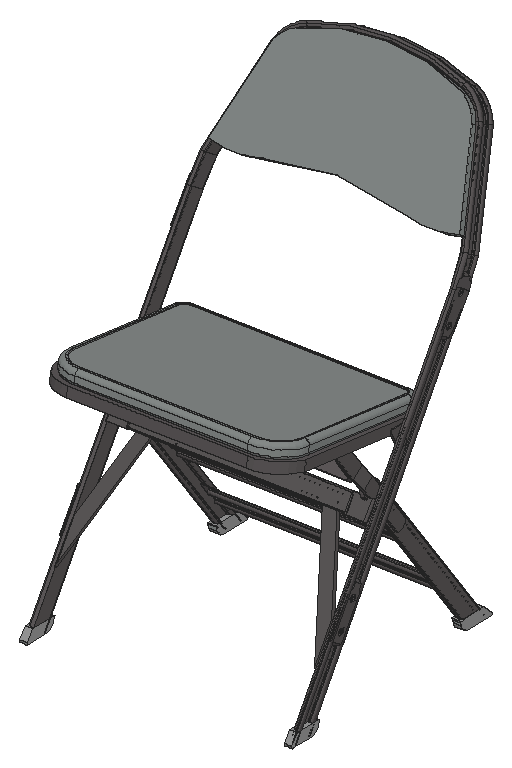
Revit family "FU_Chair_Sandler_2444USB", category Furniture, Revit 2022
Family settings
  OmniClass Number = 23.40.20.00
  OmniClass Title = General Furniture and Specialties
  Work Plane-Based = No
  Always vertical = Yes
  Cut with Voids When Loaded = No
  Render Appearance Source = Family Geometry
  Shared = No
  Room Calculation Point = No
Parameters (values of type "2444USB")
  Width = 500 mm
  Upholstery [instance] = Fabric - X2 - Positive AK019
  URL = "https://www.sandlerseating.com/product/2444usb/"
  Model = "2444USB"
  Manufacturer = "Sandler"
  Height = 840 mm
  Frame [instance] = Metal - Steel - Black
  Description = "Folding chair. Double rolled steel frame. Upholstered seat and back. Includes integral linking device. *** Please note that there is an MOQ of 201 pieces for this model in Silver and Bronze. There is no MOQ on Black frames.***"
  Depth = 560 mm
  Default Elevation = 0 mm
Reference planes
  plane 1 "Center (Front/Back)": y = 0
  plane 2: z = 0
  plane 3 "Center (Left/Right)": x = 0
  plane 4 "Right": x = -250
  plane 5 "Left": x = 250
  plane 6 "Back": y = 280
  plane 7 "Front": y = -280
  plane 8 "Height": z = 840
  plane 9 "Seat height": z = 490
  plane 10 "Seat Base": z = 364.145
  plane 11 "BF C RIGHT": through (4267.2, 154.44, 15.504) normal (0, -0.7997, -0.6004)
  plane 12 "FF C RIGHT": through (4267.2, -247.069, 20.368) normal (0, -0.845, 0.5348)
Forms (mm)
  Extrusion 1, solid, material "Rubber, Black"
    sketch origin (-20.156, -56.22, 0) x (0, 1, 0) y (0, 0, -1)
      loop
        arc (-226.907, 0) -> (-228.419, -0.909) -> (-228.326, -2.671) r 1.713
        line (-228.326, -2.671) -> (-216.28, -20.53) -> (-167.226, -20.53) -> (-168.21, -18.069) -> (-170.073, -11.118)
        arc (-170.073, -11.118) -> (-175.431, -3.1) -> (-184.562, 0) r 15
        line (-184.562, 0) -> (-226.907, 0)
    from 211 to 224.5
  Extrusion 2, solid, material "Rubber, Black"
    sketch origin (0, -35.647, 0) x (0, -1, 0) y (0, 0, -1)
      loop
        arc (-229.574, 0.002) -> (-231.159, -1.017) -> (-230.89, -2.881) r 1.741
        line (-230.89, -2.881) -> (-213.598, -20.53) -> (-160.039, -20.53) -> (-161.023, -18.069) -> (-162.884, -11.118)
        arc (-162.884, -11.118) -> (-168.242, -3.098) -> (-177.375, 0.002) r 15.001
        line (-177.375, 0.002) -> (-229.574, 0.002)
    from 215 to 230
  Extrusion 3, solid, material "Rubber, Black"
    sketch origin (26.437, -56.22, 0) x (0, 1, 0) y (0, 0, 1)
      loop
        line (-226.907, 0) -> (-184.562, 0)
        arc (-184.562, 0) -> (-175.431, 3.1) -> (-170.073, 11.118) r 15
        line (-170.073, 11.118) -> (-168.21, 18.069) -> (-167.226, 20.53) -> (-216.28, 20.53) -> (-228.326, 2.671)
        arc (-228.326, 2.671) -> (-228.419, 0.909) -> (-226.907, 0) r 1.713
    from 211 to 224.5
  Extrusion 4, solid, material "Rubber, Black"
    sketch origin (0, -35.647, 0) x (0, -1, 0) y (0, 0, 1)
      loop
        line (-229.574, -0.002) -> (-177.375, -0.002)
        arc (-177.375, -0.002) -> (-168.242, 3.098) -> (-162.884, 11.118) r 15.001
        line (-162.884, 11.118) -> (-161.023, 18.069) -> (-160.039, 20.53) -> (-213.598, 20.53) -> (-230.89, 2.881)
        arc (-230.89, 2.881) -> (-231.159, 1.017) -> (-229.574, -0.002) r 1.741
    from 215 to 230
Dimensions and locks
  equal spacing: plane 4 "Right", plane 3 "Center (Left/Right)", plane 5 "Left"
  "Width": plane 4 "Right" to plane 5 "Left"
  equal spacing: plane 6 "Back", plane 1 "Center (Front/Back)", plane 7 "Front"
  "Depth": plane 6 "Back" to plane 7 "Front"
  "Height": plane 8 "Height" to level
  plane 9 "Seat height" to level = 490 mm
  aligned and locked: level to plane 2
Automatic sketch dimensions
  Extrusion 1 sketch curve to level = 0 mm
  level to Extrusion 1 sketch curve = 2.671 mm
  Extrusion 1 sketch curve to plane 7 "Front" = 4.546 mm
  level to Extrusion 1 sketch curve = 1.713 mm
  Extrusion 1 sketch curve to Extrusion 1 sketch curve = 12.046 mm
  level to Extrusion 1 sketch curve = 15 mm
  Extrusion 1 sketch curve to Extrusion 1 sketch curve = 31.718 mm
  level to Extrusion 1 sketch curve = 11.118 mm
  level to Extrusion 1 sketch curve = 18.069 mm
  Extrusion 1 sketch curve to Extrusion 1 sketch curve = 1.863 mm
  Extrusion 1 sketch curve to Extrusion 1 sketch curve = 0.984 mm
  level to Extrusion 1 sketch curve = 20.53 mm
  level to Extrusion 2 sketch curve = 2.881 mm
  Extrusion 2 sketch curve to plane 6 "Back" = 84.758 mm
  Extrusion 2 sketch curve to Extrusion 2 sketch curve = 1.315 mm
  Extrusion 2 sketch curve to Extrusion 2 sketch curve = 15.976 mm
  level to Extrusion 2 sketch curve = 14.999 mm
  Extrusion 2 sketch curve to Extrusion 2 sketch curve = 36.223 mm
  level to Extrusion 2 sketch curve = 11.118 mm
  Extrusion 2 sketch curve to Extrusion 2 sketch curve = 14.49 mm
  level to Extrusion 2 sketch curve = 18.069 mm
  Extrusion 2 sketch curve to Extrusion 2 sketch curve = 1.862 mm
  Extrusion 2 sketch curve to Extrusion 2 sketch curve = 0.984 mm
  level to Extrusion 2 sketch curve = 20.53 mm
  Extrusion 3 sketch curve to level = 0 mm
  level to Extrusion 3 sketch curve = 2.671 mm
  Extrusion 3 sketch curve to plane 7 "Front" = 4.546 mm
  level to Extrusion 3 sketch curve = 1.713 mm
  Extrusion 3 sketch curve to Extrusion 3 sketch curve = 12.046 mm
  level to Extrusion 3 sketch curve = 15 mm
  Extrusion 3 sketch curve to Extrusion 3 sketch curve = 31.718 mm
  level to Extrusion 3 sketch curve = 11.118 mm
  level to Extrusion 3 sketch curve = 18.069 mm
  Extrusion 3 sketch curve to Extrusion 3 sketch curve = 1.863 mm
  Extrusion 3 sketch curve to Extrusion 3 sketch curve = 0.984 mm
  level to Extrusion 3 sketch curve = 20.53 mm
  level to Extrusion 4 sketch curve = 2.881 mm
  Extrusion 4 sketch curve to plane 6 "Back" = 84.758 mm
  Extrusion 4 sketch curve to Extrusion 4 sketch curve = 1.315 mm
  Extrusion 4 sketch curve to Extrusion 4 sketch curve = 15.976 mm
  level to Extrusion 4 sketch curve = 14.999 mm
  Extrusion 4 sketch curve to Extrusion 4 sketch curve = 36.223 mm
  level to Extrusion 4 sketch curve = 11.118 mm
  Extrusion 4 sketch curve to Extrusion 4 sketch curve = 14.49 mm
  level to Extrusion 4 sketch curve = 18.069 mm
  Extrusion 4 sketch curve to Extrusion 4 sketch curve = 1.862 mm
  Extrusion 4 sketch curve to Extrusion 4 sketch curve = 0.984 mm
  level to Extrusion 4 sketch curve = 20.53 mm
Nested families
  nested 1: "FrontFrame" at (0, 6.203, 0), Frame <- "Frame", Upholstery <- "Upholstery", type "FrontFrame"
    with Upholstery Fabric - X2 - Positive AK019, Frame Metal - Steel - Black
  nested 2: "BackLegs" at (0, -64.289, 0), Frame <- "Frame", type "BackLegs"
    with Frame Metal - Steel - Black
  nested 3: "Seat" at (0, 2.5, 18.801), Frame <- "Frame", Upholstery <- "Upholstery", type "Seat"
    with Upholstery Fabric - X2 - Positive AK019, Frame Metal - Steel - Black
Definition of nested family "FrontFrame"
  Parameters (values of type "FrontFrame")
    Width = 500 mm
    Upholstery [instance] = none
    Height = 1010 mm
    Frame [instance] = none
    Depth = 580 mm
    Default Elevation = 0 mm
  Reference planes
    plane 1 "Center (Front/Back)": y = 0
    plane 2: z = 0
    plane 3 "Center (Left/Right)": x = 0
    plane 4 "Right": x = -250
    plane 5 "Left": x = 250
    plane 6 "Back": y = 290
    plane 7 "Front": y = -290
    plane 8 "Height": z = 1010
    plane 9: z = 610
    plane 10 "FF C RIGHT": through (4267.2, -242.999, 36.095) normal (0, -0.8453, 0.5344)
  Forms (mm)
    Extrusion 1, solid, not visible
      sketch origin (0, 2.754, -23.733) x (0, 1, 0) y (0, 0, 1)
        loop
          line (-5.861, 994.892) -> (7.517, 994.892) -> (12.118, 1010) -> (-5.861, 1002.858) -> (-5.861, 994.892)
      from -20 to 20
    Extrusion 2, solid, material <- "Frame", not visible
      sketch origin (11.072, -3.541, -16.753) x (1, 0, 0) y (0, 0, 1)
        loop
          line (227.296, 748.928) -> (228.634, 729.786) -> (236.195, 723.887) -> (236.195, 703.34) -> (236.195, 633.767) -> (228.954, 628.109) -> (228.954, 608.592) -> (230.787, 608.592) -> (230.787, 627.228) -> (238.03, 633.138) -> (238.03, 705.97) -> (237.592, 724.766) -> (230.468, 729.73) -> (229.126, 748.928) -> (227.296, 748.928)
      from -27.16 to 11.459
    Sweep 3, solid, material <- "Frame", not visible
      path origin (0, 10.663, -219.201) x (1, 0, 0) y (0, 0, 1)
        loop
          line (-202.31, 305.506) -> (207.69, 305.506)
      profile "Pro_4400_frame : Pro_4400_frame" origin (2.69, 10.663, 86.306) x (0, 0, 1) y (0, -1, 0)
        loop
          line (0, 12.993) -> (8.04, 12.993)
          arc (8.04, 12.993) -> (8.426, 12.803) -> (8.511, 12.381) r 0.487
          arc (8.511, 12.381) -> (8.342, 10.694) -> (8.713, 9.039) r 5.322
          line (8.713, 9.039) -> (9.373, 7.391)
          arc (9.373, 7.391) -> (14.061, 4.913) -> (17.392, 9.039) r 4.17
          arc (17.392, 9.039) -> (17.162, 11.6) -> (16.221, 13.992) r 9.045
          arc (16.221, 13.992) -> (15.852, 14.364) -> (15.346, 14.5) r 1.006
          line (15.346, 14.5) -> (0, 14.5) -> (-15.346, 14.5)
          arc (-15.346, 14.5) -> (-15.852, 14.364) -> (-16.221, 13.992) r 1.006
          arc (-16.221, 13.992) -> (-17.162, 11.6) -> (-17.392, 9.039) r 9.045
          arc (-17.392, 9.039) -> (-14.061, 4.913) -> (-9.373, 7.391) r 4.17
          line (-9.373, 7.391) -> (-8.713, 9.039)
          arc (-8.713, 9.039) -> (-8.342, 10.694) -> (-8.511, 12.381) r 5.322
          arc (-8.511, 12.381) -> (-8.426, 12.803) -> (-8.04, 12.993) r 0.487
          line (-8.04, 12.993) -> (0, 12.993)
    Extrusion 4, solid, material <- "Frame", not visible
      sketch origin (0, 10.663, -219.377) x (1, 0, 0) y (0, 0, 1)
        loop
          line (-198.275, 288.291) -> (-198.275, 323.17) -> (-233.134, 323.17) -> (-233.134, 288.291) -> (-198.275, 288.291)
      from 12.993 to 14.5
    Extrusion 5, solid, material <- "Frame", not visible
      sketch origin (5.405, 10.663, -219.377) x (-1, 0, 0) y (0, 0, -1)
        loop
          line (-200.043, -288.291) -> (-232.355, -288.291) -> (-232.355, -323.17) -> (-200.043, -323.17) -> (-200.043, -288.291)
      from 12.993 to 14.5
    Extrusion 6, solid, material <- "Frame", not visible
      sketch origin (-5.299, -3.541, -21.697) x (-1, 0, 0) y (0, 0, -1)
        loop
          line (227.296, -748.928) -> (229.126, -748.928) -> (230.468, -729.73) -> (237.592, -724.766) -> (238.03, -705.97) -> (238.03, -638.451) -> (230.787, -632.54) -> (230.787, -613.904) -> (228.954, -613.904) -> (228.954, -633.422) -> (236.195, -639.079) -> (236.195, -703.34) -> (236.195, -723.887) -> (228.634, -729.786) -> (227.296, -748.928)
      from -23.402 to 11.459
    Extrusion 7, solid, material <- "Frame", not visible
      sketch origin (10.992, -3.541, -481.323) x (1, 0, 0) y (0, 0, 1)
        loop
          line (236.195, 729.4) -> (236.195, 640.642) -> (228.954, 634.984) -> (228.954, 613.904) -> (230.787, 613.904) -> (230.787, 633.79) -> (238.03, 639.701) -> (238.03, 705.97) -> (238.03, 730.97) -> (230.787, 736.274) -> (230.787, 756.164) -> (228.954, 756.164) -> (228.954, 735.084) -> (236.195, 729.4)
      from -26.214 to 10.348
    Extrusion 8, solid, material <- "Frame", not visible
      sketch origin (-7.079, -3.541, -481.059) x (-1, 0, 0) y (0, 0, -1)
        loop
          line (227.296, -752.678) -> (229.126, -752.678) -> (230.468, -733.48) -> (237.503, -728.578) -> (238.03, -705.97) -> (238.03, -638.451) -> (230.787, -632.54) -> (230.787, -613.904) -> (228.954, -613.904) -> (228.954, -633.422) -> (236.195, -639.079) -> (236.195, -703.34) -> (236.195, -727.637) -> (228.634, -733.536) -> (227.296, -752.678)
      from -23.402 to 11.459
    Revolve 9, solid, material <- "Frame", not visible
      sketch origin (-20.391, 4.265, 9.588) x (0, 0, 1) y (1, 0, 0)
        loop
          line (172.987, -229.382) -> (172.987, -227.295) -> (169.898, -227.295) -> (169.898, -223.851) -> (166.2, -223.851) -> (166.2, -229.382) -> (172.987, -229.382)
        axis (166.2, -229.382) -> (166.2, -223.851)
      angle from 0 to 360
    Revolve 10, solid, material <- "Frame", not visible
      sketch origin (-18.645, 4.839, 798.8) x (0, 0, -1) y (-1, 0, 0)
        loop
          line (172.987, 229.382) -> (166.2, 229.382) -> (166.2, 223.851) -> (169.898, 223.851) -> (169.898, 227.295) -> (172.987, 227.295) -> (172.987, 229.382)
        axis (166.2, 229.382) -> (166.2, 223.851)
      angle from 0 to 360
    Extrusion 11, solid, material <- "Frame", not visible
      sketch origin (0, 4.056, 0) x (0, 0, 1) y (1, 0, 0)
        loop
          arc (903.933, -180.588) -> (925.166, -168.855) -> (939.286, -149.129) r 55
          arc (939.286, -149.129) -> (961.82, -74.747) -> (968.399, 2.694) r 371.805
          arc (968.399, 2.694) -> (961.82, 80.135) -> (939.286, 154.516) r 371.805
          arc (939.286, 154.516) -> (925.166, 174.243) -> (903.933, 185.976) r 55
          line (903.933, 185.976) -> (749.535, 230.787)
          arc (749.535, 230.787) -> (742.728, 181.663) -> (748.257, 132.378) r 199.351
          arc (748.257, 132.378) -> (760.601, 66.646) -> (766.213, 0) r 658.411
          arc (766.213, 0) -> (760.601, -66.646) -> (748.257, -132.378) r 658.411
          arc (748.257, -132.378) -> (742.711, -179.074) -> (748.257, -225.771) r 199.351
          line (748.257, -225.771) -> (903.933, -180.588)
      from -2 to -4
    Extrusion 12, void, not visible
      sketch origin (19.99, 1.392, -44.11) x (0, 1, 0) y (0, 0, 1)
        loop
          line (-3.534, 783.692) -> (-3.534, 753.692) -> (-4.282, 747.6) -> (-11.531, 745.558) -> (-11.531, 668.196) -> (-4.135, 666.075) -> (-3.55, 661.339) -> (-3.55, 635.022) -> (11.05, 635.022) -> (11.05, 661.339) -> (11.635, 666.075) -> (19.031, 668.196) -> (19.031, 745.558) -> (11.782, 747.6) -> (11.034, 753.692) -> (11.034, 783.692) -> (-3.534, 783.692)
        loop
          circle (3.451, 645.167) r 3.653
        loop
          circle (2.852, 677.081) r 6.946
        loop
          circle (2.553, 727.744) r 6.946
        loop
          circle (3.451, 766.175) r 3.653
        loop
          line (-17.531, 786.339) -> (-17.531, 628.692) -> (25.031, 628.692) -> (25.031, 786.339) -> (-17.531, 786.339)
      from 213.642 to 235
    Extrusion 13, void, not visible
      sketch origin (-20.01, 1.392, -44.11) x (0, 1, 0) y (0, 0, -1)
        loop
          line (-3.534, -783.482) -> (11.034, -783.482) -> (11.034, -753.482) -> (11.782, -747.391) -> (19.031, -745.349) -> (19.031, -667.986) -> (11.635, -665.865) -> (11.05, -661.13) -> (11.05, -634.812) -> (-3.55, -634.812) -> (-3.55, -661.13) -> (-4.135, -665.865) -> (-11.531, -667.986) -> (-11.531, -745.349) -> (-4.282, -747.391) -> (-3.534, -753.482) -> (-3.534, -783.482)
        loop
          circle (3.451, -644.958) r 3.653
        loop
          circle (2.852, -675.621) r 6.946
        loop
          circle (2.553, -727.534) r 6.946
        loop
          circle (3.451, -767.216) r 3.653
        loop
          line (-17.531, -786.13) -> (25.031, -786.13) -> (25.031, -628.482) -> (-17.531, -628.482) -> (-17.531, -786.13)
      from 204.371 to 235
    Extrusion 14, void, not visible
      sketch origin (19.99, 1.392, -480.367) x (0, 1, 0) y (0, 0, 1)
        loop
          line (-4.784, 756.069) -> (-4.784, 724.819) -> (-5.532, 718.728) -> (-12.781, 716.686) -> (-12.781, 639.323) -> (-5.385, 637.203) -> (-4.8, 632.467) -> (-4.8, 612.399) -> (9.8, 612.399) -> (9.8, 632.467) -> (10.385, 637.203) -> (17.781, 639.323) -> (17.781, 716.686) -> (10.532, 718.728) -> (9.784, 724.819) -> (9.784, 756.069) -> (-4.784, 756.069)
        loop
          circle (2.949, 623.892) r 3.653
        loop
          circle (3.099, 655.789) r 6.946
        loop
          circle (2.65, 706.795) r 6.946
        loop
          circle (2.201, 746.139) r 3.653
        loop
          line (-18.781, 757.467) -> (-18.781, 599.819) -> (23.781, 599.819) -> (23.781, 757.467) -> (-18.781, 757.467)
      from 213.642 to 235
    Extrusion 15, void, not visible
      sketch origin (-19.767, 1.392, -480.392) x (0, 1, 0) y (0, 0, -1)
        loop
          line (-4.784, -754.819) -> (9.784, -754.819) -> (9.784, -724.819) -> (10.532, -718.728) -> (17.781, -716.686) -> (17.781, -639.323) -> (10.385, -637.203) -> (9.8, -632.467) -> (9.8, -606.149) -> (-4.8, -606.149) -> (-4.8, -632.467) -> (-5.385, -637.203) -> (-12.781, -639.323) -> (-12.781, -716.686) -> (-5.532, -718.728) -> (-4.784, -724.819) -> (-4.784, -754.819)
        loop
          circle (2.201, -623.17) r 3.653
        loop
          circle (3.477, -655.708) r 6.946
        loop
          circle (2.553, -706.371) r 6.946
        loop
          circle (2.201, -746.053) r 3.653
        loop
          line (-18.781, -757.467) -> (23.781, -757.467) -> (23.781, -599.819) -> (-18.781, -599.819) -> (-18.781, -757.467)
      from 204.371 to 235
    Sweep 16, solid, not visible
      path origin (0, 4.056, 0) x (0, 0, 1) y (1, 0, 0)
        loop
          line (0, 239.346) -> (675, 239.346) -> (727.193, 236.265) -> (907.139, 185.545)
          arc (907.139, 185.545) -> (930.892, 169.175) -> (945.898, 144.539) r 69.142
          arc (945.898, 144.539) -> (969.966, 3.037) -> (945.898, -138.464) r 428.008
          arc (945.898, -138.464) -> (930.892, -163.101) -> (907.139, -179.47) r 69.142
          line (907.139, -179.47) -> (727.805, -230.018) -> (675, -233.134) -> (0, -233.134)
      profile "Pro_4400_frame : Pro_4400_frame" origin (239.346, 4.056, 337.5) x (1, 0, 0) y (0, 1, 0)
        loop
          line (1.507, 0) -> (1.507, 8.04)
          arc (1.507, 8.04) -> (1.697, 8.426) -> (2.119, 8.511) r 0.487
          arc (2.119, 8.511) -> (3.806, 8.342) -> (5.461, 8.713) r 5.322
          line (5.461, 8.713) -> (7.11, 9.373)
          arc (7.11, 9.373) -> (9.588, 14.061) -> (5.461, 17.392) r 4.17
          arc (5.461, 17.392) -> (2.901, 17.162) -> (0.509, 16.221) r 9.045
          arc (0.509, 16.221) -> (0.136, 15.852) -> (0, 15.346) r 1.006
          line (0, 15.346) -> (0, 0) -> (0, -15.346)
          arc (0, -15.346) -> (0.136, -15.852) -> (0.509, -16.221) r 1.006
          arc (0.509, -16.221) -> (2.901, -17.162) -> (5.461, -17.392) r 9.045
          arc (5.461, -17.392) -> (9.588, -14.061) -> (7.11, -9.373) r 4.17
          line (7.11, -9.373) -> (5.461, -8.713)
          arc (5.461, -8.713) -> (3.806, -8.342) -> (2.119, -8.511) r 5.322
          arc (2.119, -8.511) -> (1.697, -8.426) -> (1.507, -8.04) r 0.487
          line (1.507, -8.04) -> (1.507, 0)
    Extrusion 17, solid, material <- "Upholstery", not visible
      sketch origin (0, 4.056, 0) x (0, 0, 1) y (1, 0, 0)
        loop
          arc (903.933, -180.588) -> (925.166, -168.855) -> (939.286, -149.129) r 55
          arc (939.286, -149.129) -> (961.82, -74.747) -> (968.399, 2.694) r 371.805
          arc (968.399, 2.694) -> (961.82, 80.135) -> (939.286, 154.516) r 371.805
          arc (939.286, 154.516) -> (925.166, 174.243) -> (903.933, 185.976) r 55
          line (903.933, 185.976) -> (749.535, 230.787)
          arc (749.535, 230.787) -> (742.728, 181.663) -> (748.257, 132.378) r 199.351
          arc (748.257, 132.378) -> (760.601, 66.646) -> (766.213, 0) r 658.411
          arc (766.213, 0) -> (760.601, -66.646) -> (748.257, -132.378) r 658.411
          arc (748.257, -132.378) -> (742.711, -179.074) -> (748.257, -225.771) r 199.351
          line (748.257, -225.771) -> (903.933, -180.588)
      from -26 to -4
    Extrusion 18, void
      sketch origin (0, -50, 0) x (0, 1, 0) y (0, 0, 1)
        loop
          line (-250.54, 0) -> (-250.54, -30) -> (-170.54, -30) -> (-170.54, 0) -> (-250.54, 0)
      from 230.342 to 257.226
    Extrusion 19, void
      sketch origin (0, -50, 0) x (0, 1, 0) y (0, 0, -1)
        loop
          line (-250.54, 0) -> (-170.54, 0) -> (-170.54, 30) -> (-250.54, 30) -> (-250.54, 0)
      from 225.481 to 250
    Extrusion 20, solid, not visible
      sketch origin (0, -216.25, -15.11) x (0, 0.871681, -0.490074) y (0, 0.490074, 0.871681)
        loop
          line (-5.861, 994.892) -> (7.517, 994.892) -> (12.118, 1010) -> (-5.861, 1002.858) -> (-5.861, 994.892)
      from -20 to 20
    Extrusion 21, solid, material <- "Frame", not visible
      sketch origin (11.072, -218.317, -5.94) x (1, 0, 0) y (0, 0.490074, 0.871681)
        loop
          line (227.296, 748.928) -> (228.634, 729.786) -> (236.195, 723.887) -> (236.195, 703.34) -> (236.195, 633.767) -> (228.954, 628.109) -> (228.954, 608.592) -> (230.787, 608.592) -> (230.787, 627.228) -> (238.03, 633.138) -> (238.03, 705.97) -> (237.592, 724.766) -> (230.468, 729.73) -> (229.126, 748.928) -> (227.296, 748.928)
      from -27.16 to 11.459
    Sweep 22, solid, material <- "Frame", not visible
      path origin (0, -305.149, -189.371) x (1, 0, 0) y (0, 0.490074, 0.871681)
        loop
          line (-202.31, 305.506) -> (207.69, 305.506)
      profile "Pro_4400_frame : Pro_4400_frame" origin (2.69, -155.429, 76.933) x (0, 0.490074, 0.871681) y (0, -0.871681, 0.490074)
        loop
          line (0, 12.993) -> (8.04, 12.993)
          arc (8.04, 12.993) -> (8.426, 12.803) -> (8.511, 12.381) r 0.487
          arc (8.511, 12.381) -> (8.342, 10.694) -> (8.713, 9.039) r 5.322
          line (8.713, 9.039) -> (9.373, 7.391)
          arc (9.373, 7.391) -> (14.061, 4.913) -> (17.392, 9.039) r 4.17
          arc (17.392, 9.039) -> (17.162, 11.6) -> (16.221, 13.992) r 9.045
          arc (16.221, 13.992) -> (15.852, 14.364) -> (15.346, 14.5) r 1.006
          line (15.346, 14.5) -> (0, 14.5) -> (-15.346, 14.5)
          arc (-15.346, 14.5) -> (-15.852, 14.364) -> (-16.221, 13.992) r 1.006
          arc (-16.221, 13.992) -> (-17.162, 11.6) -> (-17.392, 9.039) r 9.045
          arc (-17.392, 9.039) -> (-14.061, 4.913) -> (-9.373, 7.391) r 4.17
          line (-9.373, 7.391) -> (-8.713, 9.039)
          arc (-8.713, 9.039) -> (-8.342, 10.694) -> (-8.511, 12.381) r 5.322
          arc (-8.511, 12.381) -> (-8.426, 12.803) -> (-8.04, 12.993) r 0.487
          line (-8.04, 12.993) -> (0, 12.993)
    Extrusion 23, solid, material <- "Frame", not visible
      sketch origin (0, -305.236, -189.524) x (1, 0, 0) y (0, 0.490074, 0.871681)
        loop
          line (-198.275, 288.291) -> (-198.275, 323.17) -> (-233.134, 323.17) -> (-233.134, 288.291) -> (-198.275, 288.291)
      from 12.993 to 14.5
    Extrusion 24, solid, material <- "Frame", not visible
      sketch origin (5.405, -305.236, -189.524) x (-1, 0, 0) y (0, -0.490074, -0.871681)
        loop
          line (-200.043, -288.291) -> (-232.355, -288.291) -> (-232.355, -323.17) -> (-200.043, -323.17) -> (-200.043, -288.291)
      from 12.993 to 14.5
    Extrusion 25, solid, material <- "Frame", not visible
      sketch origin (-5.299, -220.74, -10.25) x (-1, 0, 0) y (0, -0.490074, -0.871681)
        loop
          line (227.296, -748.928) -> (229.126, -748.928) -> (230.468, -729.73) -> (237.592, -724.766) -> (238.03, -705.97) -> (238.03, -638.451) -> (230.787, -632.54) -> (230.787, -613.904) -> (228.954, -613.904) -> (228.954, -633.422) -> (236.195, -639.079) -> (236.195, -703.34) -> (236.195, -723.887) -> (228.634, -729.786) -> (227.296, -748.928)
      from -23.402 to 11.459
    Extrusion 26, solid, material <- "Frame", not visible
      sketch origin (10.992, -445.99, -410.897) x (1, 0, 0) y (0, 0.490074, 0.871681)
        loop
          line (236.195, 729.4) -> (236.195, 640.642) -> (228.954, 634.984) -> (228.954, 613.904) -> (230.787, 613.904) -> (230.787, 633.79) -> (238.03, 639.701) -> (238.03, 705.97) -> (238.03, 730.97) -> (230.787, 736.274) -> (230.787, 756.164) -> (228.954, 756.164) -> (228.954, 735.084) -> (236.195, 729.4)
      from -26.214 to 10.348
    Extrusion 27, solid, material <- "Frame", not visible
      sketch origin (-7.079, -445.861, -410.667) x (-1, 0, 0) y (0, -0.490074, -0.871681)
        loop
          line (227.296, -752.678) -> (229.126, -752.678) -> (230.468, -733.48) -> (237.503, -728.578) -> (238.03, -705.97) -> (238.03, -638.451) -> (230.787, -632.54) -> (230.787, -613.904) -> (228.954, -613.904) -> (228.954, -633.422) -> (236.195, -639.079) -> (236.195, -703.34) -> (236.195, -727.637) -> (228.634, -733.536) -> (227.296, -752.678)
      from -23.402 to 11.459
    Revolve 28, solid, material <- "Frame", not visible
      sketch origin (-20.391, -198.604, 13.195) x (0, 0.490074, 0.871681) y (1, 0, 0)
        loop
          line (172.987, -229.382) -> (172.987, -227.295) -> (169.898, -227.295) -> (169.898, -223.851) -> (166.2, -223.851) -> (166.2, -229.382) -> (172.987, -229.382)
        axis (166.2, -229.382) -> (166.2, -223.851)
      angle from 0 to 360
    Revolve 29, solid, material <- "Frame", not visible
      sketch origin (-18.645, 188.669, 700.855) x (0, -0.490074, -0.871681) y (-1, 0, 0)
        loop
          line (172.987, 229.382) -> (166.2, 229.382) -> (166.2, 223.851) -> (169.898, 223.851) -> (169.898, 227.295) -> (172.987, 227.295) -> (172.987, 229.382)
        axis (166.2, 229.382) -> (166.2, 223.851)
      angle from 0 to 360
    Extrusion 30, solid, material <- "Frame", not visible
      sketch origin (0, -203.484, 4.94) x (0, 0.490074, 0.871681) y (1, 0, 0)
        loop
          arc (903.933, -180.588) -> (925.166, -168.855) -> (939.286, -149.129) r 55
          arc (939.286, -149.129) -> (961.82, -74.747) -> (968.399, 2.694) r 371.805
          arc (968.399, 2.694) -> (961.82, 80.135) -> (939.286, 154.516) r 371.805
          arc (939.286, 154.516) -> (925.166, 174.243) -> (903.933, 185.976) r 55
          line (903.933, 185.976) -> (749.535, 230.787)
          arc (749.535, 230.787) -> (742.728, 181.663) -> (748.257, 132.378) r 199.351
          arc (748.257, 132.378) -> (760.601, 66.646) -> (766.213, 0) r 658.411
          arc (766.213, 0) -> (760.601, -66.646) -> (748.257, -132.378) r 658.411
          arc (748.257, -132.378) -> (742.711, -179.074) -> (748.257, -225.771) r 199.351
          line (748.257, -225.771) -> (903.933, -180.588)
      from -2 to -4
    Extrusion 31, void, not visible
      sketch origin (19.99, -227.424, -32.204) x (0, 0.871681, -0.490074) y (0, 0.490074, 0.871681)
        loop
          line (-3.534, 783.692) -> (-3.534, 753.692) -> (-4.282, 747.6) -> (-11.531, 745.558) -> (-11.531, 668.196) -> (-4.135, 666.075) -> (-3.55, 661.339) -> (-3.55, 635.022) -> (11.05, 635.022) -> (11.05, 661.339) -> (11.635, 666.075) -> (19.031, 668.196) -> (19.031, 745.558) -> (11.782, 747.6) -> (11.034, 753.692) -> (11.034, 783.692) -> (-3.534, 783.692)
        loop
          circle (3.451, 645.167) r 3.653
        loop
          circle (2.852, 677.081) r 6.946
        loop
          circle (2.553, 727.744) r 6.946
        loop
          circle (3.451, 766.175) r 3.653
        loop
          line (-17.531, 786.339) -> (-17.531, 628.692) -> (25.031, 628.692) -> (25.031, 786.339) -> (-17.531, 786.339)
      from 213.642 to 235
    Extrusion 32, void, not visible
      sketch origin (-20.01, -227.424, -32.204) x (0, 0.871681, -0.490074) y (0, -0.490074, -0.871681)
        loop
          line (-3.534, -783.482) -> (11.034, -783.482) -> (11.034, -753.482) -> (11.782, -747.391) -> (19.031, -745.349) -> (19.031, -667.986) -> (11.635, -665.865) -> (11.05, -661.13) -> (11.05, -634.812) -> (-3.55, -634.812) -> (-3.55, -661.13) -> (-4.135, -665.865) -> (-11.531, -667.986) -> (-11.531, -745.349) -> (-4.282, -747.391) -> (-3.534, -753.482) -> (-3.534, -783.482)
        loop
          circle (3.451, -644.958) r 3.653
        loop
          circle (2.852, -675.621) r 6.946
        loop
          circle (2.553, -727.534) r 6.946
        loop
          circle (3.451, -767.216) r 3.653
        loop
          line (-17.531, -786.13) -> (25.031, -786.13) -> (25.031, -628.482) -> (-17.531, -628.482) -> (-17.531, -786.13)
      from 204.371 to 235
    Extrusion 33, void, not visible
      sketch origin (19.99, -441.222, -412.481) x (0, 0.871681, -0.490074) y (0, 0.490074, 0.871681)
        loop
          line (-4.784, 756.069) -> (-4.784, 724.819) -> (-5.532, 718.728) -> (-12.781, 716.686) -> (-12.781, 639.323) -> (-5.385, 637.203) -> (-4.8, 632.467) -> (-4.8, 612.399) -> (9.8, 612.399) -> (9.8, 632.467) -> (10.385, 637.203) -> (17.781, 639.323) -> (17.781, 716.686) -> (10.532, 718.728) -> (9.784, 724.819) -> (9.784, 756.069) -> (-4.784, 756.069)
        loop
          circle (2.949, 623.892) r 3.653
        loop
          circle (3.099, 655.789) r 6.946
        loop
          circle (2.65, 706.795) r 6.946
        loop
          circle (2.201, 746.139) r 3.653
        loop
          line (-18.781, 757.467) -> (-18.781, 599.819) -> (23.781, 599.819) -> (23.781, 757.467) -> (-18.781, 757.467)
      from 213.642 to 235
    Extrusion 34, void, not visible
      sketch origin (-19.767, -441.234, -412.503) x (0, 0.871681, -0.490074) y (0, -0.490074, -0.871681)
        loop
          line (-4.784, -754.819) -> (9.784, -754.819) -> (9.784, -724.819) -> (10.532, -718.728) -> (17.781, -716.686) -> (17.781, -639.323) -> (10.385, -637.203) -> (9.8, -632.467) -> (9.8, -606.149) -> (-4.8, -606.149) -> (-4.8, -632.467) -> (-5.385, -637.203) -> (-12.781, -639.323) -> (-12.781, -716.686) -> (-5.532, -718.728) -> (-4.784, -724.819) -> (-4.784, -754.819)
        loop
          circle (2.201, -623.17) r 3.653
        loop
          circle (3.477, -655.708) r 6.946
        loop
          circle (2.553, -706.371) r 6.946
        loop
          circle (2.201, -746.053) r 3.653
        loop
          line (-18.781, -757.467) -> (23.781, -757.467) -> (23.781, -599.819) -> (-18.781, -599.819) -> (-18.781, -757.467)
      from 204.371 to 235
    Sweep 35, solid, material <- "Frame", not visible
      path origin (0, -203.484, 4.94) x (0, 0.490074, 0.871681) y (1, 0, 0)
        loop
          line (-25, 239.346) -> (675, 239.346) -> (727.193, 236.265) -> (907.139, 185.545)
          arc (907.139, 185.545) -> (930.892, 169.175) -> (945.898, 144.539) r 69.142
          arc (945.898, 144.539) -> (969.966, 3.037) -> (945.898, -138.464) r 428.008
          arc (945.898, -138.464) -> (930.892, -163.101) -> (907.139, -179.47) r 69.142
          line (907.139, -179.47) -> (727.805, -230.018) -> (675, -233.134) -> (-25, -233.134)
      profile "Pro_4400_frame : Pro_4400_frame" origin (239.346, -44.211, 288.236) x (1, 0, 0) y (0, 0.871681, -0.490074)
        loop
          line (1.507, 0) -> (1.507, 8.04)
          arc (1.507, 8.04) -> (1.697, 8.426) -> (2.119, 8.511) r 0.487
          arc (2.119, 8.511) -> (3.806, 8.342) -> (5.461, 8.713) r 5.322
          line (5.461, 8.713) -> (7.11, 9.373)
          arc (7.11, 9.373) -> (9.588, 14.061) -> (5.461, 17.392) r 4.17
          arc (5.461, 17.392) -> (2.901, 17.162) -> (0.509, 16.221) r 9.045
          arc (0.509, 16.221) -> (0.136, 15.852) -> (0, 15.346) r 1.006
          line (0, 15.346) -> (0, 0) -> (0, -15.346)
          arc (0, -15.346) -> (0.136, -15.852) -> (0.509, -16.221) r 1.006
          arc (0.509, -16.221) -> (2.901, -17.162) -> (5.461, -17.392) r 9.045
          arc (5.461, -17.392) -> (9.588, -14.061) -> (7.11, -9.373) r 4.17
          line (7.11, -9.373) -> (5.461, -8.713)
          arc (5.461, -8.713) -> (3.806, -8.342) -> (2.119, -8.511) r 5.322
          arc (2.119, -8.511) -> (1.697, -8.426) -> (1.507, -8.04) r 0.487
          line (1.507, -8.04) -> (1.507, 0)
    Extrusion 36, solid, material <- "Upholstery", not visible
      sketch origin (0, -203.484, 4.94) x (0, 0.490074, 0.871681) y (1, 0, 0)
        loop
          arc (903.933, -180.588) -> (925.166, -168.855) -> (939.286, -149.129) r 55
          arc (939.286, -149.129) -> (961.82, -74.747) -> (968.399, 2.694) r 371.805
          arc (968.399, 2.694) -> (961.82, 80.135) -> (939.286, 154.516) r 371.805
          arc (939.286, 154.516) -> (925.166, 174.243) -> (903.933, 185.976) r 55
          line (903.933, 185.976) -> (749.535, 230.787)
          arc (749.535, 230.787) -> (742.728, 181.663) -> (748.257, 132.378) r 199.351
          arc (748.257, 132.378) -> (760.601, 66.646) -> (766.213, 0) r 658.411
          arc (766.213, 0) -> (760.601, -66.646) -> (748.257, -132.378) r 658.411
          arc (748.257, -132.378) -> (742.711, -179.074) -> (748.257, -225.771) r 199.351
          line (748.257, -225.771) -> (903.933, -180.588)
      from -26 to -4
    Extrusion 37, void, not visible
      sketch origin (0, 0, 0) x (0, 1, 0) y (0, 0, 1)
        loop
          line (-250.54, 0) -> (-250.54, -30) -> (-170.54, -30) -> (-170.54, 0) -> (-250.54, 0)
      from 230.342 to 257.226
    Extrusion 38, void, not visible
      sketch origin (0, 0, 0) x (0, 1, 0) y (0, 0, -1)
        loop
          line (-250.54, 0) -> (-170.54, 0) -> (-170.54, 30) -> (-250.54, 30) -> (-250.54, 0)
      from 225.481 to 250
    Extrusion 39, solid, material <- "Frame"
      sketch origin (11.072, -285.482, -13.715) x (1, 0, 0) y (0, 0.535073, 0.844806)
        loop
          line (227.296, 748.928) -> (228.634, 729.786) -> (236.195, 723.887) -> (236.195, 703.34) -> (236.195, 633.767) -> (228.954, 628.109) -> (228.954, 608.592) -> (230.787, 608.592) -> (230.787, 627.228) -> (238.03, 633.138) -> (238.03, 705.97) -> (237.592, 724.766) -> (230.468, 729.73) -> (229.126, 748.928) -> (227.296, 748.928)
      from -27.16 to 11.459
    Extrusion 40, solid, material <- "Frame"
      sketch origin (-5.299, -288.127, -17.892) x (-1, 0, 0) y (0, -0.535073, -0.844806)
        loop
          line (227.296, -748.928) -> (229.126, -748.928) -> (230.468, -729.73) -> (237.592, -724.766) -> (238.03, -705.97) -> (238.03, -638.451) -> (230.787, -632.54) -> (230.787, -613.904) -> (228.954, -613.904) -> (228.954, -633.422) -> (236.195, -639.079) -> (236.195, -703.34) -> (236.195, -723.887) -> (228.634, -729.786) -> (227.296, -748.928)
      from -23.402 to 11.459
    Extrusion 41, solid, material <- "Frame"
      sketch origin (10.992, -535.52, -410.749) x (1, 0, 0) y (0, 0.535073, 0.844806)
        loop
          line (236.195, 729.4) -> (236.195, 640.642) -> (228.954, 634.984) -> (228.954, 613.904) -> (230.787, 613.904) -> (230.787, 633.79) -> (238.03, 639.701) -> (238.03, 705.97) -> (238.03, 730.97) -> (230.787, 736.274) -> (230.787, 756.164) -> (228.954, 756.164) -> (228.954, 735.084) -> (236.195, 729.4)
      from -26.214 to 10.348
    Extrusion 42, solid, material <- "Frame"
      sketch origin (-7.079, -535.379, -410.527) x (-1, 0, 0) y (0, -0.535073, -0.844806)
        loop
          line (227.296, -752.678) -> (229.126, -752.678) -> (230.468, -733.48) -> (237.503, -728.578) -> (238.03, -705.97) -> (238.03, -638.451) -> (230.787, -632.54) -> (230.787, -613.904) -> (228.954, -613.904) -> (228.954, -633.422) -> (236.195, -639.079) -> (236.195, -703.34) -> (236.195, -727.637) -> (228.634, -733.536) -> (227.296, -752.678)
      from -23.402 to 11.459
    Revolve 43, solid, material <- "Frame"
      sketch origin (-20.391, -266.253, -0.202) x (0, 0.535073, 0.844806) y (1, 0, 0)
        loop
          line (172.987, -229.382) -> (172.987, -227.295) -> (169.898, -227.295) -> (169.898, -223.851) -> (166.2, -223.851) -> (166.2, -229.382) -> (172.987, -229.382)
        axis (166.2, -229.382) -> (166.2, -223.851)
      angle from 0 to 360
    Revolve 44, solid, material <- "Frame"
      sketch origin (-18.645, 157.978, 670.785) x (0, -0.535073, -0.844806) y (-1, 0, 0)
        loop
          line (172.987, 229.382) -> (166.2, 229.382) -> (166.2, 223.851) -> (169.898, 223.851) -> (169.898, 227.295) -> (172.987, 227.295) -> (172.987, 229.382)
        axis (166.2, 229.382) -> (166.2, 223.851)
      angle from 0 to 360
    Extrusion 45, solid, material <- "Frame"
      sketch origin (0, -263.506, 4.826) x (0, 0.535073, 0.844806) y (1, 0, 0)
        loop
          arc (903.933, -180.588) -> (925.166, -168.855) -> (939.286, -149.129) r 55
          arc (939.286, -149.129) -> (961.82, -74.747) -> (968.399, 2.694) r 371.805
          arc (968.399, 2.694) -> (961.82, 80.135) -> (939.286, 154.516) r 371.805
          arc (939.286, 154.516) -> (925.166, 174.243) -> (903.933, 185.976) r 55
          line (903.933, 185.976) -> (749.535, 230.787)
          arc (749.535, 230.787) -> (742.728, 181.663) -> (748.257, 132.378) r 199.351
          arc (748.257, 132.378) -> (760.601, 66.646) -> (766.213, 0) r 658.411
          arc (766.213, 0) -> (760.601, -66.646) -> (748.257, -132.378) r 658.411
          arc (748.257, -132.378) -> (742.711, -179.074) -> (748.257, -225.771) r 199.351
          line (748.257, -225.771) -> (903.933, -180.588)
      from -2 to -4
    Extrusion 46, void
      sketch origin (19.99, -295.953, -39.466) x (0, 0.844806, -0.535073) y (0, 0.535073, 0.844806)
        loop
          line (-3.534, 783.692) -> (-3.534, 753.692) -> (-4.282, 747.6) -> (-11.531, 745.558) -> (-11.531, 668.196) -> (-4.135, 666.075) -> (-3.55, 661.339) -> (-3.55, 635.022) -> (11.05, 635.022) -> (11.05, 661.339) -> (11.635, 666.075) -> (19.031, 668.196) -> (19.031, 745.558) -> (11.782, 747.6) -> (11.034, 753.692) -> (11.034, 783.692) -> (-3.534, 783.692)
        loop
          circle (3.451, 645.167) r 3.653
        loop
          circle (2.852, 677.081) r 6.946
        loop
          circle (2.553, 727.744) r 6.946
        loop
          circle (3.451, 766.175) r 3.653
        loop
          line (-17.531, 786.339) -> (-17.531, 628.692) -> (25.031, 628.692) -> (25.031, 786.339) -> (-17.531, 786.339)
      from 213.642 to 235
    Extrusion 47, void
      sketch origin (-20.01, -295.953, -39.466) x (0, 0.844806, -0.535073) y (0, -0.535073, -0.844806)
        loop
          line (-3.534, -783.482) -> (11.034, -783.482) -> (11.034, -753.482) -> (11.782, -747.391) -> (19.031, -745.349) -> (19.031, -667.986) -> (11.635, -665.865) -> (11.05, -661.13) -> (11.05, -634.812) -> (-3.55, -634.812) -> (-3.55, -661.13) -> (-4.135, -665.865) -> (-11.531, -667.986) -> (-11.531, -745.349) -> (-4.282, -747.391) -> (-3.534, -753.482) -> (-3.534, -783.482)
        loop
          circle (3.451, -644.958) r 3.653
        loop
          circle (2.852, -675.621) r 6.946
        loop
          circle (2.553, -727.534) r 6.946
        loop
          circle (3.451, -767.216) r 3.653
        loop
          line (-17.531, -786.13) -> (25.031, -786.13) -> (25.031, -628.482) -> (-17.531, -628.482) -> (-17.531, -786.13)
      from 204.371 to 235
    Extrusion 48, void
      sketch origin (19.99, -530.842, -412.582) x (0, 0.844806, -0.535073) y (0, 0.535073, 0.844806)
        loop
          line (-4.784, 756.069) -> (-4.784, 724.819) -> (-5.532, 718.728) -> (-12.781, 716.686) -> (-12.781, 639.323) -> (-5.385, 637.203) -> (-4.8, 632.467) -> (-4.8, 612.399) -> (9.8, 612.399) -> (9.8, 632.467) -> (10.385, 637.203) -> (17.781, 639.323) -> (17.781, 716.686) -> (10.532, 718.728) -> (9.784, 724.819) -> (9.784, 756.069) -> (-4.784, 756.069)
        loop
          circle (2.949, 623.892) r 3.653
        loop
          circle (3.099, 655.789) r 6.946
        loop
          circle (2.65, 706.795) r 6.946
        loop
          circle (2.201, 746.139) r 3.653
        loop
          line (-18.781, 757.467) -> (-18.781, 599.819) -> (23.781, 599.819) -> (23.781, 757.467) -> (-18.781, 757.467)
      from 213.642 to 235
    Extrusion 49, void
      sketch origin (-19.767, -530.855, -412.603) x (0, 0.844806, -0.535073) y (0, -0.535073, -0.844806)
        loop
          line (-4.784, -754.819) -> (9.784, -754.819) -> (9.784, -724.819) -> (10.532, -718.728) -> (17.781, -716.686) -> (17.781, -639.323) -> (10.385, -637.203) -> (9.8, -632.467) -> (9.8, -606.149) -> (-4.8, -606.149) -> (-4.8, -632.467) -> (-5.385, -637.203) -> (-12.781, -639.323) -> (-12.781, -716.686) -> (-5.532, -718.728) -> (-4.784, -724.819) -> (-4.784, -754.819)
        loop
          circle (2.201, -623.17) r 3.653
        loop
          circle (3.477, -655.708) r 6.946
        loop
          circle (2.553, -706.371) r 6.946
        loop
          circle (2.201, -746.053) r 3.653
        loop
          line (-18.781, -757.467) -> (23.781, -757.467) -> (23.781, -599.819) -> (-18.781, -599.819) -> (-18.781, -757.467)
      from 204.371 to 235
    Sweep 50, solid, material <- "Frame"
      path origin (0, -263.506, 4.826) x (0, 0.535073, 0.844806) y (1, 0, 0)
        loop
          line (-25, 239.346) -> (675, 239.346) -> (727.193, 236.265) -> (907.139, 185.545)
          arc (907.139, 185.545) -> (930.892, 169.175) -> (945.898, 144.539) r 69.142
          arc (945.898, 144.539) -> (969.966, 3.037) -> (945.898, -138.464) r 428.008
          arc (945.898, -138.464) -> (930.892, -163.101) -> (907.139, -179.47) r 69.142
          line (907.139, -179.47) -> (727.805, -230.018) -> (675, -233.134) -> (-25, -233.134)
      profile "Pro_4400_frame : Pro_4400_frame" origin (239.346, -89.607, 279.387) x (1, 0, 0) y (0, 0.844806, -0.535073)
        loop
          line (1.507, 0) -> (1.507, 8.04)
          arc (1.507, 8.04) -> (1.697, 8.426) -> (2.119, 8.511) r 0.487
          arc (2.119, 8.511) -> (3.806, 8.342) -> (5.461, 8.713) r 5.322
          line (5.461, 8.713) -> (7.11, 9.373)
          arc (7.11, 9.373) -> (9.588, 14.061) -> (5.461, 17.392) r 4.17
          arc (5.461, 17.392) -> (2.901, 17.162) -> (0.509, 16.221) r 9.045
          arc (0.509, 16.221) -> (0.136, 15.852) -> (0, 15.346) r 1.006
          line (0, 15.346) -> (0, 0) -> (0, -15.346)
          arc (0, -15.346) -> (0.136, -15.852) -> (0.509, -16.221) r 1.006
          arc (0.509, -16.221) -> (2.901, -17.162) -> (5.461, -17.392) r 9.045
          arc (5.461, -17.392) -> (9.588, -14.061) -> (7.11, -9.373) r 4.17
          line (7.11, -9.373) -> (5.461, -8.713)
          arc (5.461, -8.713) -> (3.806, -8.342) -> (2.119, -8.511) r 5.322
          arc (2.119, -8.511) -> (1.697, -8.426) -> (1.507, -8.04) r 0.487
          line (1.507, -8.04) -> (1.507, 0)
    Extrusion 51, solid, material <- "Upholstery"
      sketch origin (0, -263.506, 4.826) x (0, 0.535073, 0.844806) y (1, 0, 0)
        loop
          arc (903.933, -180.588) -> (925.166, -168.855) -> (939.286, -149.129) r 55
          arc (939.286, -149.129) -> (961.82, -74.747) -> (968.399, 2.694) r 371.805
          arc (968.399, 2.694) -> (961.82, 80.135) -> (939.286, 154.516) r 371.805
          arc (939.286, 154.516) -> (925.166, 174.243) -> (903.933, 185.976) r 55
          line (903.933, 185.976) -> (749.535, 230.787)
          arc (749.535, 230.787) -> (742.728, 181.663) -> (748.257, 132.378) r 199.351
          arc (748.257, 132.378) -> (760.601, 66.646) -> (766.213, 0) r 658.411
          arc (766.213, 0) -> (760.601, -66.646) -> (748.257, -132.378) r 658.411
          arc (748.257, -132.378) -> (742.711, -179.074) -> (748.257, -225.771) r 199.351
          line (748.257, -225.771) -> (903.933, -180.588)
      from -26 to -4
    Sweep 52, solid, material <- "Frame"
      path origin (-0.193, -250.715, 33.945) x (1, 0, 0) y (0, 0.536098, 0.844156)
        loop
          line (-196.807, 305.506) -> (203.193, 305.506)
      profile "Pro_4400_frame : Pro_4400_frame" origin (3, -86.934, 291.84) x (0, 0.536098, 0.844156) y (0, -0.844156, 0.536098)
        loop
          line (0, 12.993) -> (8.04, 12.993)
          arc (8.04, 12.993) -> (8.426, 12.803) -> (8.511, 12.381) r 0.487
          arc (8.511, 12.381) -> (8.342, 10.694) -> (8.713, 9.039) r 5.322
          line (8.713, 9.039) -> (9.373, 7.391)
          arc (9.373, 7.391) -> (14.061, 4.913) -> (17.392, 9.039) r 4.17
          arc (17.392, 9.039) -> (17.162, 11.6) -> (16.221, 13.992) r 9.045
          arc (16.221, 13.992) -> (15.852, 14.364) -> (15.346, 14.5) r 1.006
          line (15.346, 14.5) -> (0, 14.5) -> (-15.346, 14.5)
          arc (-15.346, 14.5) -> (-15.852, 14.364) -> (-16.221, 13.992) r 1.006
          arc (-16.221, 13.992) -> (-17.162, 11.6) -> (-17.392, 9.039) r 9.045
          arc (-17.392, 9.039) -> (-14.061, 4.913) -> (-9.373, 7.391) r 4.17
          line (-9.373, 7.391) -> (-8.713, 9.039)
          arc (-8.713, 9.039) -> (-8.342, 10.694) -> (-8.511, 12.381) r 5.322
          arc (-8.511, 12.381) -> (-8.426, 12.803) -> (-8.04, 12.993) r 0.487
          line (-8.04, 12.993) -> (0, 12.993)
    Extrusion 53, solid, material <- "Frame"
      sketch origin (-24.063, -269.022, -11.706) x (1, 0, 0) y (0, 0.844156, -0.536098)
        loop
          line (-210.559, 4.23) -> (-210.559, -20.96)
          arc (-210.559, -20.96) -> (-209.676, -23.092) -> (-207.544, -23.976) r 3.015
          line (-207.544, -23.976) -> (-172.096, -23.976) -> (-172.096, -18.901) -> (-207.613, -18.901) -> (-207.613, 4.23) -> (-210.559, 4.23)
      from 336.466 to 371.249
    Extrusion 54, solid, material <- "Frame"
      sketch origin (-22.597, -269.022, -11.706) x (1, 0, 0) y (0, 0.536098, 0.844156)
        loop
          line (-210.668, 116.422) -> (-129.791, 341.091)
          spline (-129.791, 341.091) -> (-129.432, 343.329) -> (-129.889, 345.698) -> (-131.131, 348.039) -> (-133.072, 350.19) -> (-135.582, 352.007) -> (-138.487, 353.364) -> (-141.591, 354.17) -> (-144.683, 354.37) -> (-147.55, 353.949) -> (-149.999, 352.937) -> (-151.861, 351.403) -> (-153.011, 349.45)
          line (-153.011, 349.45) -> (-210.668, 189.284) -> (-210.668, 116.422)
        loop
          circle (-141.969, 343.448) r 3.397
      from 17.847 to 21.729
    Extrusion 55, solid, material <- "Frame"
      sketch origin (28.712, -269.022, -11.706) x (-1, 0, 0) y (0, -0.536098, -0.844156)
        loop
          line (-210.668, -116.422) -> (-210.668, -189.284) -> (-153.011, -349.45)
          spline (-153.011, -349.45) -> (-151.861, -351.403) -> (-149.999, -352.937) -> (-147.55, -353.949) -> (-144.683, -354.37) -> (-141.591, -354.17) -> (-138.487, -353.364) -> (-135.582, -352.007) -> (-133.072, -350.19) -> (-131.131, -348.039) -> (-129.889, -345.698) -> (-129.432, -343.329) -> (-129.791, -341.091)
          line (-129.791, -341.091) -> (-210.668, -116.422)
        loop
          circle (-141.969, -343.448) r 3.397
      from 17.847 to 21.729
    Extrusion 56, void
      sketch origin (20.625, -269.022, -11.706) x (1, 0, 0) y (0, 0.536098, 0.844156)
        loop
          line (130.273, 353.465) -> (130.273, 328.261) -> (190.273, 328.261) -> (190.273, 353.465) -> (130.273, 353.465)
      from 9.373 to 22.012
    Extrusion 57, void
      sketch origin (-14.334, -268.337, -10.627) x (-1, 0, 0) y (0, -0.536098, -0.844156)
        loop
          line (130.273, -353.465) -> (190.273, -353.465) -> (190.273, -328.261) -> (130.273, -328.261) -> (130.273, -353.465)
      from 9.373 to 22.012
    Extrusion 58, solid, material <- "Frame"
      sketch origin (29.063, -269.022, -11.706) x (-1, 0, 0) y (0, -0.844156, 0.536098)
        loop
          line (-210.559, -4.23) -> (-207.613, -4.23) -> (-207.613, 18.901) -> (-172.096, 18.901) -> (-172.096, 23.976) -> (-207.544, 23.976)
          arc (-207.544, 23.976) -> (-209.676, 23.092) -> (-210.559, 20.96) r 3.015
          line (-210.559, 20.96) -> (-210.559, -4.23)
      from 336.466 to 371.249
  Cuts and joins
    Extrusion 46 cuts Extrusion 39
    Extrusion 47 cuts Extrusion 40
    Extrusion 48 cuts Extrusion 41
    Extrusion 49 cuts Extrusion 42
    Extrusion 18, Extrusion 19 cuts Sweep 50
    Extrusion 56, Extrusion 57 cuts Sweep 52
  Dimensions and locks
    equal spacing: plane 4 "Right", plane 3 "Center (Left/Right)", plane 5 "Left"
    "Width": plane 4 "Right" to plane 5 "Left"
    equal spacing: plane 6 "Back", plane 1 "Center (Front/Back)", plane 7 "Front"
    "Depth": plane 6 "Back" to plane 7 "Front"
    "Height": plane 8 "Height" to level
    plane 9 to level = 610 mm
    aligned and locked: level to plane 2
  Automatic sketch dimensions
    Extrusion 1 sketch curve to Extrusion 1 sketch curve = 7.966 mm
    Extrusion 1 sketch curve to Extrusion 1 sketch curve = 15.108 mm
    Extrusion 2 sketch curve to Extrusion 2 sketch curve = 1.338 mm
    Extrusion 2 sketch curve to Extrusion 2 sketch curve = 1.83 mm
    Extrusion 2 sketch curve to Extrusion 2 sketch curve = 1.834 mm
    Extrusion 2 sketch curve to Extrusion 2 sketch curve = 1.833 mm
    Extrusion 2 sketch curve to Extrusion 2 sketch curve = 1.397 mm
    Extrusion 2 sketch curve to Extrusion 2 sketch curve = 1.835 mm
    Extrusion 2 sketch curve to Extrusion 2 sketch curve = 18.636 mm
    Extrusion 2 sketch curve to Extrusion 2 sketch curve = 0.881 mm
    Extrusion 2 sketch curve to Extrusion 2 sketch curve = 5.91 mm
    Extrusion 2 sketch curve to Extrusion 2 sketch curve = 0.629 mm
    Extrusion 2 sketch curve to Extrusion 2 sketch curve = 2.63 mm
    Extrusion 2 sketch curve to Extrusion 2 sketch curve = 17.917 mm
    Extrusion 2 sketch curve to Extrusion 2 sketch curve = 0.879 mm
    Extrusion 2 sketch curve to Extrusion 2 sketch curve = 5.842 mm
    Extrusion 2 sketch curve to Extrusion 2 sketch curve = 0.057 mm
    Extrusion 2 sketch curve to Extrusion 2 sketch curve = 19.141 mm
    Extrusion 4 sketch curve to Extrusion 4 sketch curve = 34.859 mm
    Extrusion 4 sketch curve to Extrusion 4 sketch curve = 34.879 mm
    Extrusion 5 sketch curve to Extrusion 5 sketch curve = 32.313 mm
    Extrusion 5 sketch curve to Extrusion 5 sketch curve = 34.879 mm
    Extrusion 6 sketch curve to Extrusion 6 sketch curve = 1.338 mm
    Extrusion 6 sketch curve to Extrusion 6 sketch curve = 1.83 mm
    Extrusion 6 sketch curve to Extrusion 6 sketch curve = 1.834 mm
    Extrusion 6 sketch curve to Extrusion 6 sketch curve = 1.833 mm
    Extrusion 6 sketch curve to Extrusion 6 sketch curve = 1.397 mm
    Extrusion 6 sketch curve to Extrusion 6 sketch curve = 1.835 mm
    Extrusion 6 sketch curve to Extrusion 6 sketch curve = 19.141 mm
    Extrusion 6 sketch curve to Extrusion 6 sketch curve = 0.057 mm
    Extrusion 6 sketch curve to Extrusion 6 sketch curve = 4.964 mm
    Extrusion 6 sketch curve to Extrusion 6 sketch curve = 0.879 mm
    Extrusion 6 sketch curve to Extrusion 6 sketch curve = 17.917 mm
    Extrusion 6 sketch curve to Extrusion 6 sketch curve = 2.63 mm
    Extrusion 6 sketch curve to Extrusion 6 sketch curve = 0.629 mm
    Extrusion 6 sketch curve to Extrusion 6 sketch curve = 5.657 mm
    Extrusion 6 sketch curve to Extrusion 6 sketch curve = 0.881 mm
    Extrusion 6 sketch curve to Extrusion 6 sketch curve = 18.636 mm
    Extrusion 8 sketch curve to Extrusion 8 sketch curve = 1.338 mm
    Extrusion 8 sketch curve to Extrusion 8 sketch curve = 1.83 mm
    Extrusion 8 sketch curve to Extrusion 8 sketch curve = 1.834 mm
    Extrusion 8 sketch curve to Extrusion 8 sketch curve = 1.833 mm
    Extrusion 8 sketch curve to Extrusion 8 sketch curve = 1.308 mm
    Extrusion 8 sketch curve to Extrusion 8 sketch curve = 1.835 mm
    Extrusion 8 sketch curve to Extrusion 8 sketch curve = 19.141 mm
    Extrusion 8 sketch curve to Extrusion 8 sketch curve = 0.057 mm
    Extrusion 8 sketch curve to Extrusion 8 sketch curve = 4.902 mm
    Extrusion 8 sketch curve to Extrusion 8 sketch curve = 0.94 mm
    Extrusion 8 sketch curve to Extrusion 8 sketch curve = 21.667 mm
    Extrusion 8 sketch curve to Extrusion 8 sketch curve = 2.63 mm
    Extrusion 8 sketch curve to Extrusion 8 sketch curve = 64.261 mm
    Extrusion 8 sketch curve to Extrusion 8 sketch curve = 0.629 mm
    Extrusion 8 sketch curve to Extrusion 8 sketch curve = 5.657 mm
    Extrusion 8 sketch curve to Extrusion 8 sketch curve = 0.881 mm
    Extrusion 8 sketch curve to Extrusion 8 sketch curve = 18.636 mm
    Revolve 9 sketch curve to Revolve 9 sketch curve = 3.698 mm
    Revolve 9 sketch curve to Revolve 9 sketch curve = 3.089 mm
    Revolve 9 sketch curve to Revolve 9 sketch curve = 2.087 mm
    Revolve 9 sketch curve to Revolve 9 sketch curve = 3.444 mm
    Revolve 9 sketch curve to Revolve 9 sketch curve = 0 mm  (x2)
    Revolve 9 sketch curve to Revolve 9 sketch curve = 2.119 mm
    Revolve 10 sketch curve to Revolve 10 sketch curve = 3.698 mm
    Revolve 10 sketch curve to Revolve 10 sketch curve = 3.089 mm
    Revolve 10 sketch curve to Revolve 10 sketch curve = 3.444 mm
    Revolve 10 sketch curve to Revolve 10 sketch curve = 2.087 mm
    Revolve 10 sketch curve to Revolve 10 sketch curve = 0 mm  (x2)
    Revolve 10 sketch curve to Revolve 10 sketch curve = 2.119 mm
    Extrusion 12 sketch curve to Extrusion 12 sketch curve = 0.585 mm
    Extrusion 12 sketch curve to Extrusion 12 sketch curve = 0.748 mm  (x2)
    Extrusion 12 sketch curve to Extrusion 12 sketch curve = 7.396 mm  (x2)
    Extrusion 12 sketch curve to Extrusion 12 sketch curve = 13.997 mm
    Extrusion 12 sketch curve to Extrusion 12 sketch curve = 6.33 mm
    Extrusion 12 sketch curve to Extrusion 12 sketch curve = 10.146 mm
    Extrusion 12 sketch curve to Extrusion 12 sketch curve = 16.172 mm
    Extrusion 12 sketch curve to Extrusion 12 sketch curve = 0 mm
    Extrusion 12 sketch curve to Extrusion 12 sketch curve = 4.735 mm  (x2)
    Extrusion 12 sketch curve to Extrusion 12 sketch curve = 2.121 mm  (x2)
    Extrusion 12 sketch curve to Extrusion 12 sketch curve = 17.814 mm  (x2)
    Extrusion 12 sketch curve to Extrusion 12 sketch curve = 2.042 mm  (x2)
    Extrusion 12 sketch curve to Extrusion 12 sketch curve = 6.092 mm  (x2)
    Extrusion 12 sketch curve to Extrusion 12 sketch curve = 12.484 mm
    Extrusion 12 sketch curve to Extrusion 12 sketch curve = 17.516 mm
    Extrusion 12 sketch curve to Extrusion 12 sketch curve = 2.648 mm
    Extrusion 13 sketch curve to Extrusion 13 sketch curve = 0.585 mm
    Extrusion 13 sketch curve to Extrusion 13 sketch curve = 0.748 mm  (x2)
    Extrusion 13 sketch curve to Extrusion 13 sketch curve = 7.396 mm  (x2)
    Extrusion 13 sketch curve to Extrusion 13 sketch curve = 13.997 mm
    Extrusion 13 sketch curve to Extrusion 13 sketch curve = 2.648 mm
    Extrusion 13 sketch curve to Extrusion 13 sketch curve = 16.266 mm
    Extrusion 13 sketch curve to Extrusion 13 sketch curve = 13.734 mm  (x2)
    Extrusion 13 sketch curve to Extrusion 13 sketch curve = 6.092 mm  (x2)
    Extrusion 13 sketch curve to Extrusion 13 sketch curve = 2.042 mm  (x2)
    Extrusion 13 sketch curve to Extrusion 13 sketch curve = 19.856 mm
    Extrusion 13 sketch curve to Extrusion 13 sketch curve = 2.121 mm  (x2)
    Extrusion 13 sketch curve to Extrusion 13 sketch curve = 4.735 mm  (x2)
    Extrusion 13 sketch curve to Extrusion 13 sketch curve = 16.172 mm
    Extrusion 13 sketch curve to Extrusion 13 sketch curve = 10.146 mm
    Extrusion 13 sketch curve to Extrusion 13 sketch curve = 6.33 mm
    Extrusion 15 sketch curve to Extrusion 15 sketch curve = 0.585 mm
    Extrusion 15 sketch curve to Extrusion 15 sketch curve = 0.748 mm  (x2)
    Extrusion 15 sketch curve to Extrusion 15 sketch curve = 7.396 mm  (x2)
    Extrusion 15 sketch curve to Extrusion 15 sketch curve = 13.997 mm
    Extrusion 15 sketch curve to Extrusion 15 sketch curve = 2.648 mm
    Extrusion 15 sketch curve to Extrusion 15 sketch curve = 8.766 mm
    Extrusion 15 sketch curve to Extrusion 15 sketch curve = 21.234 mm  (x2)
    Extrusion 15 sketch curve to Extrusion 15 sketch curve = 6.092 mm  (x2)
    Extrusion 15 sketch curve to Extrusion 15 sketch curve = 2.042 mm  (x2)
    Extrusion 15 sketch curve to Extrusion 15 sketch curve = 12.356 mm
    Extrusion 15 sketch curve to Extrusion 15 sketch curve = 50.663 mm
    Extrusion 15 sketch curve to Extrusion 15 sketch curve = 16.385 mm  (x2)
    Extrusion 15 sketch curve to Extrusion 15 sketch curve = 2.121 mm  (x2)
    Extrusion 15 sketch curve to Extrusion 15 sketch curve = 4.735 mm  (x2)
    Extrusion 15 sketch curve to Extrusion 15 sketch curve = 9.297 mm
    Extrusion 15 sketch curve to Extrusion 15 sketch curve = 17.021 mm
    Extrusion 15 sketch curve to Extrusion 15 sketch curve = 6.33 mm
    Sweep 16 sketch curve to Sweep 16 sketch curve = 52.193 mm
    Sweep 16 sketch curve to Sweep 16 sketch curve = 52.805 mm
    Sweep 16 sketch curve to Sweep 16 sketch curve = 26.494 mm  (x2)
    Sweep 16 sketch curve to Sweep 16 sketch curve = 63.864 mm  (x2)
    Sweep 16 sketch curve to Sweep 16 sketch curve = 38.76 mm  (x2)
    Sweep 16 sketch curve to Sweep 16 sketch curve = 0 mm  (x3)
    Extrusion 11 sketch curve to Extrusion 11 sketch curve = 0 mm  (x6)
    Extrusion 11 sketch curve to Extrusion 11 sketch curve = 15.33 mm  (x2)
    Extrusion 11 sketch curve to Extrusion 11 sketch curve = 38.129 mm  (x2)
    Extrusion 11 sketch curve to Extrusion 11 sketch curve = 1.514 mm
    Extrusion 11 sketch curve to Extrusion 11 sketch curve = 52.82 mm  (x2)
    Extrusion 11 sketch curve to Extrusion 11 sketch curve = 24.558 mm
    Extrusion 11 sketch curve to Extrusion 11 sketch curve = 1.278 mm
    Extrusion 17 sketch curve to Extrusion 17 sketch curve = 0 mm  (x6)
    Extrusion 17 sketch curve to Extrusion 17 sketch curve = 15.33 mm  (x2)
    Extrusion 17 sketch curve to Extrusion 17 sketch curve = 38.129 mm  (x2)
    Extrusion 17 sketch curve to Extrusion 17 sketch curve = 1.514 mm
    Extrusion 17 sketch curve to Extrusion 17 sketch curve = 52.82 mm  (x2)
    Extrusion 17 sketch curve to Extrusion 17 sketch curve = 24.558 mm
    Extrusion 7 sketch curve to Extrusion 7 sketch curve = 1.833 mm  (x2)
    Extrusion 7 sketch curve to Extrusion 7 sketch curve = 19.886 mm
    Extrusion 7 sketch curve to Extrusion 7 sketch curve = 1.194 mm
    Extrusion 7 sketch curve to Extrusion 7 sketch curve = 5.91 mm
    Extrusion 7 sketch curve to Extrusion 7 sketch curve = 0.941 mm
    Extrusion 7 sketch curve to Extrusion 7 sketch curve = 65.328 mm
    Extrusion 7 sketch curve to Extrusion 7 sketch curve = 23.43 mm
    Extrusion 7 sketch curve to Extrusion 7 sketch curve = 1.57 mm
    Extrusion 7 sketch curve to Extrusion 7 sketch curve = 5.683 mm
    Extrusion 7 sketch curve to Extrusion 7 sketch curve = 1.19 mm
    Extrusion 7 sketch curve to Extrusion 7 sketch curve = 19.89 mm
    Extrusion 7 sketch curve to Extrusion 7 sketch curve = 7.241 mm  (x2)
    Extrusion 14 sketch curve to Extrusion 14 sketch curve = 0.585 mm
    Extrusion 14 sketch curve to Extrusion 14 sketch curve = 0.748 mm  (x2)
    Extrusion 14 sketch curve to Extrusion 14 sketch curve = 7.396 mm  (x2)
    Extrusion 14 sketch curve to Extrusion 14 sketch curve = 13.997 mm
    Extrusion 14 sketch curve to Extrusion 14 sketch curve = 12.58 mm
    Extrusion 14 sketch curve to Extrusion 14 sketch curve = 11.492 mm
    Extrusion 14 sketch curve to Extrusion 14 sketch curve = 8.575 mm  (x2)
    Extrusion 14 sketch curve to Extrusion 14 sketch curve = 4.735 mm  (x2)
    Extrusion 14 sketch curve to Extrusion 14 sketch curve = 2.121 mm  (x2)
    Extrusion 14 sketch curve to Extrusion 14 sketch curve = 18.586 mm
    Extrusion 14 sketch curve to Extrusion 14 sketch curve = 51.007 mm
